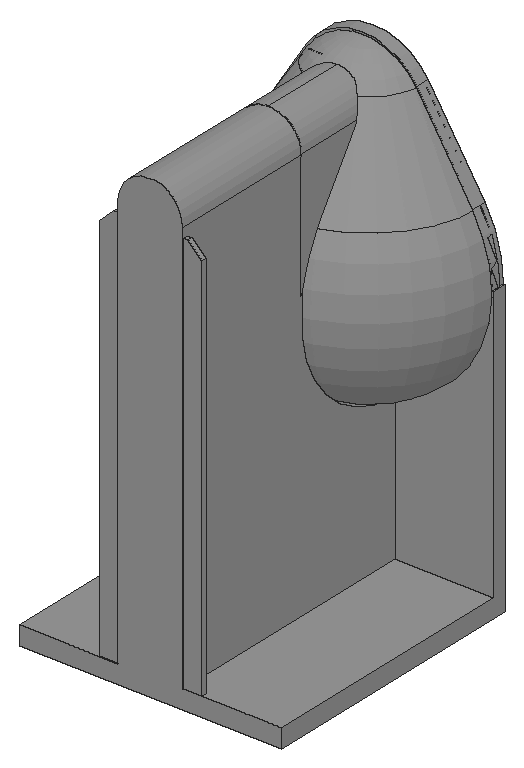
Revit family "Toilet-Willoughby-ASETW-1490-FM-TS", category Plumbing Fixtures, Revit 2015
Parameters (values of type "Standard")
  Waste DIA = 2 3/8"
  Waste Connection = yes
  W-RAD [instance] = Waste DIA / 2  # 0' - 1 3/16"
  Vent Connection = no
  URL = "https://www.willoughby-ind.com/wp-content/uploads/2018/01/ASETW-1490-FM.pdf"
  Type Comments = ""
  Revision = "A"
  Model = "ETW-1490-FM-TS"
  Manufacturer = "Willoughby Industries"
  HW Connection = no
  Flush inlet DIA = 1 1/2"
  Flush Inlet Connection = yes
  Fixture Body = Stainless Steel AISI 304-Willoughby
  F-RAD [instance] = Flush inlet DIA / 2  # 0' - 0 3/4"
  Description = "Ligature Resistant, Wall Outlet, Floor Mounted Blowout Toilet, Top Spud"
  Default Elevation = 0' - 0"
  Contact Number = "(800) 428-4065"
  CW Connection = no
Reference planes (in)
  plane 1 "Base": y = -16.25
  plane 2: z = 0
  plane 3 "Center": x = 18.31072
  plane 4 "Waste height": y = -4.75
  plane 5 "Seat HGT": y = -1.25
  plane 6: y = -2.125
  plane 7: x = 16.56072
  plane 8: x = 20.06072
  plane 9: x = 13.81072
  plane 10: x = 22.81072
  plane 11: z = 2.70924
  plane 12: z = -3
  plane 13: z = 25
Forms (in)
  Extrusion 1, solid, material "Stainless Steel AISI 304-Willoughby" <- "Fixture Body"
    sketch origin (16.08109, 7.47968, -7.1422) x (-1, 0, 0) y (0, 0, -1)
      loop
        line (4.79769, -22.8922) -> (4.83287, -22.8922) -> (4.83287, -7.1422) -> (-9.29213, -7.1422) -> (-9.29213, -22.8922) -> (-9.20219, -22.8922)
        arc (-9.20219, -22.8922) -> (-8.94577, -24.74051) -> (-8.21015, -26.45542) r 7
        line (-8.21015, -26.45542) -> (-5.16818, -31.31054)
        arc (-5.16818, -31.31054) -> (-2.20225, -32.95225) -> (0.76368, -31.31054) r 3.5
        line (0.76368, -31.31054) -> (3.80565, -26.45542)
        arc (3.80565, -26.45542) -> (4.54128, -24.74051) -> (4.79769, -22.8922) r 7
      loop
        arc (2.03989, -24.70557) -> (-2.20225, -18.23804) -> (-6.44438, -24.70557) r 4.625
        line (-6.44438, -24.70557) -> (-4.04125, -30.23842)
        arc (-4.04125, -30.23842) -> (-2.20225, -31.45225) -> (-0.36324, -30.23842) r 2
        line (-0.36324, -30.23842) -> (2.03989, -24.70557)
    from 8.72968 to 9.5
  Revolve 2, solid, material "Stainless Steel AISI 304-Willoughby" <- "Fixture Body"
    sketch origin (19.37981, -1.52032, -3.93365) x (-1, 0, 0) y (0, 0, -1)
      loop
        line (1.06174, -12.59906) -> (1.06174, -12.84906)
        arc (1.06174, -12.84906) -> (6.96784, -16.33096) -> (6.78077, -23.18447) r 6.75
        line (6.78077, -23.18447) -> (5.22309, -25.66909)
        arc (5.22309, -25.66909) -> (3.40303, -27.84141) -> (1.06174, -29.43826) r 10.34445
        line (1.06174, -29.43826) -> (1.06174, -29.68826)
        arc (1.06174, -29.68826) -> (2.75672, -29.25045) -> (4.02767, -28.04656) r 3.5
        line (4.02767, -28.04656) -> (7.06964, -23.19143)
        arc (7.06964, -23.19143) -> (7.15052, -16.14555) -> (1.06174, -12.59906) r 7
      axis (1.06174, -12.59906) -> (1.06174, -29.68826)
    angle from 0 to -180
  Extrusion 3, solid, material "Stainless Steel AISI 304-Willoughby" <- "Fixture Body"
    sketch origin (19.53334, -3.02032, -4.9508) x (0, 1, 0) y (0, 0, 1)
      loop
        line (-5.27082, 4.9508) -> (1, 4.9508) -> (1, 13.80524)
        arc (1, 13.80524) -> (-3.15813, 15.45207) -> (-5.27082, 19.39398) r 6.50625
        line (-5.27082, 19.39398) -> (-5.27082, 4.9508)
    from 0.52738 to -2.97262
  Extrusion 4, solid, material "Stainless Steel AISI 304-Willoughby" <- "Fixture Body"
    sketch origin (0, 14.59309, 0) x (1, 0, 0) y (0, 1, 0)
      loop
        circle (18.31072, -19.34309) r 1.1875
    from 5.5 to -3
  Extrusion 5, solid, material "Stainless Steel AISI 304-Willoughby" <- "Fixture Body"
    sketch origin (0, 1.11185, 0) x (1, 0, 0) y (0, 0, 1)
      loop
        circle (18.31072, 2.70924) r 0.75
    from 2.36185 to 1.42435
  Extrusion 6, solid, material "Stainless Steel AISI 304-Willoughby" <- "Fixture Body"
    sketch origin (0, -16.25, 0) x (1, 0, 0) y (0, 0, 1)
      loop
        line (25.37322, 0) -> (25.37322, 1) -> (11.2834, 1) -> (11.2834, 0) -> (25.37322, 0)
    from -15 to 0
  Extrusion 7, solid, material "Stainless Steel AISI 304-Willoughby" <- "Fixture Body"
    sketch origin (0, -16.25, 0) x (1, 0, 0) y (0, 0, 1)
      loop
        line (20.06072, 0) -> (20.06072, 23.23467)
        arc (20.06072, 23.23467) -> (18.31072, 24.98467) -> (16.56072, 23.23467) r 1.75
        line (16.56072, 23.23467) -> (16.56072, 0) -> (20.06072, 0)
    from 0 to -7.95886
  Extrusion 8, solid, material "Stainless Steel AISI 304-Willoughby" <- "Fixture Body"
    sketch origin (18.31072, 0, 0) x (0, 1, 0) y (0, 0, 1)
      loop
        line (-8.30956, 24.98711) -> (-8.30956, 16.43945)
        arc (-8.30956, 16.43945) -> (-7.89398, 17.78452) -> (-7.26296, 19.04298) r 8.53534
        arc (-7.26296, 19.04298) -> (-5.96181, 21.12816) -> (-4.62752, 23.19229) r 153.87584
        arc (-4.62752, 23.19229) -> (-4.20813, 24.22574) -> (-3.39314, 24.98711) r 2.59068
        line (-3.39314, 24.98711) -> (-8.30956, 24.98711)
    from -1.75 to 1.75
  Extrusion 9, void
    sketch origin (0, -16.25, 0) x (1, 0, 0) y (0, 0, 1)
      loop
        arc (18.32244, 24.98711) -> (19.55159, 24.47797) -> (20.06072, 23.24882) r 1.73828
        line (20.06072, 23.24882) -> (20.06072, 24.98711) -> (18.32244, 24.98711)
    from -13.39931 to -7.72232
  Extrusion 10, void
    sketch origin (0, -16.25, 0) x (1, 0, 0) y (0, 0, 1)
      loop
        line (16.56072, 24.98711) -> (16.56072, 23.38793)
        arc (16.56072, 23.38793) -> (17.12541, 24.5271) -> (18.31072, 24.98711) r 1.75711
        line (18.31072, 24.98711) -> (16.56072, 24.98711)
    from -12.84157 to -7.94044
  Extrusion 11, solid, material "Stainless Steel AISI 304-Willoughby" <- "Fixture Body"
    sketch origin (18.32831, -16.25, 1) x (1, 0, 0) y (0, 0, 1)
      loop
        line (2.75, 0) -> (2.75, 20.9739) -> (1.99851, 21.72538) -> (-1.99937, 21.72538) -> (-2.75, 20.97475) -> (-2.75, 0) -> (2.75, 0)
    from 0 to -0.25
Cuts and joins
  joined: Extrusion 1, Extrusion 3, Extrusion 4, Extrusion 6, Extrusion 7
  Extrusion 9, Extrusion 10 cuts Extrusion 8
Lines and regions (in)
  symbolic lines
    curve 1: line (11.28334, -2.02032, 0) -> (11.28334, -1.25, 0)
    curve 2: line (11.28334, -1.25, 0) -> (25.28334, -1.25, 0)
    curve 3: line (25.28334, -1.25, 0) -> (25.28334, -2.02032, 0)
    curve 4: arc (25.28334, -2.02032, 0) -> (23.0776, -6.6446, 0) -> (18.31072, -8.52239, 0) r 6.98983
    curve 5: arc (18.31072, -8.52239, 0) -> (13.52369, -6.64758, 0) -> (11.28334, -2.02032, 0) r 7.04842
    curve 6: line (22.81072, -6.88104, 0) -> (22.81072, -16.25, 0)
    curve 7: line (22.81072, -16.25, 0) -> (13.81072, -16.25, 0)
    curve 8: line (13.81072, -16.25, 0) -> (13.81072, -6.89908, 0)
    curve 9: line (16.56072, -8.30173, 0) -> (16.56072, -16.25, 0)
    curve 10: line (20.06072, -8.29974, 0) -> (20.06072, -16.25, 0)
    curve 11: line (14.78334, -16.25, 9.65867) -> (14.78334, -16.25, 1)
    curve 12: line (14.78334, -16.25, 1) -> (13.81072, -16.25, 1)
    curve 13: line (13.81072, -16.25, 1) -> (13.81072, -16.25, 0)
    curve 14: line (13.81072, -16.25, 0) -> (22.81072, -16.25, 0)
    curve 15: line (22.81072, -16.25, 0) -> (22.81072, -16.25, 1)
    curve 16: line (22.81072, -16.25, 1) -> (21.81072, -16.25, 1)
    curve 17: line (21.81072, -16.25, 1) -> (21.81072, -16.25, 9.67456)
    curve 18: arc (21.81072, -16.25, 9.67456) -> (25.08799, -16.25, 13.93608) -> (24.32597, -16.25, 19.25778) r 6.9206
    curve 19: line (24.32597, -16.25, 19.25778) -> (21.24927, -16.25, 24.16835)
    curve 20: arc (21.24927, -16.25, 24.16835) -> (19.97832, -16.25, 25.37224) -> (18.28334, -16.25, 25.81005) r 3.5
    curve 21: arc (18.28334, -16.25, 25.81005) -> (16.58835, -16.25, 25.37224) -> (15.31741, -16.25, 24.16835) r 3.5
    curve 22: line (15.31741, -16.25, 24.16835) -> (12.35249, -16.25, 19.43905)
    curve 23: arc (12.35249, -16.25, 19.43905) -> (11.49002, -16.25, 14.03241) -> (14.78334, -16.25, 9.65867) r 7
    curve 29: line (18.31072, -8.4296, 16.67525) -> (18.31072, -16.25, 16.67525)
    curve 30: line (18.31072, -16.25, 16.67525) -> (18.31072, -16.25, 0)
    curve 31: line (18.31072, -16.25, 0) -> (18.31072, -1.25, 0)
    curve 32: line (18.31072, -1.25, 0) -> (18.31072, -1.25, 25.81005)
    curve 33: line (18.31072, -1.25, 25.81005) -> (18.31072, -2.02032, 25.81005)
    curve 34: arc (18.31072, -2.02032, 25.81005) -> (18.31072, -3.29152, 25.30605) -> (18.31072, -4.30177, 24.38445) r 3.79748
    curve 35: line (18.31072, -4.30177, 24.38445) -> (18.31072, -7.52822, 19.25778)
    curve 36: arc (18.31072, -7.52822, 19.25778) -> (18.31072, -8.12539, 18.01764) -> (18.31072, -8.4296, 16.67525) r 6.10578
    curve 37: arc (18.31072, -8.4296, 16.67525) -> (18.31072, -8.31403, 15.24489) -> (18.31072, -8.29114, 13.81005) r 22.19593
    curve 38: arc (18.31072, -8.29114, 13.81005) -> (18.31072, -5.95289, 10.31029) -> (18.31072, -2.02032, 8.81005) r 6.92744
    curve 39: line (18.31072, -1.25, 9.65867) -> (18.31072, -2.02032, 9.65867)
    curve 40: line (18.31072, -2.02032, 9.65867) -> (18.31072, -2.02032, 1)
    curve 41: line (18.31072, -2.02032, 1) -> (18.31072, -16.25, 1)
    curve 42: line (20.06072, -8.29974, 0) -> (20.06072, -4.61725, 0)
    curve 43: arc (20.06072, -4.61725, 0) -> (19.34995, -3.84312, 0) -> (18.31072, -3.68676, 0) r 1.57857
    curve 44: arc (18.31072, -3.68676, 0) -> (17.30223, -3.87691, 0) -> (16.56072, -4.5864, 0) r 1.8036
    curve 45: line (16.56072, -4.5864, 0) -> (16.56072, -8.30173, 0)
    curve 46: line (18.31072, -8.30956, 24.98711) -> (18.31072, -3.72908, 24.98711)
  symbolic lines, detail levels fine
    curve 24: arc (14.0412, -16.25, 17.56337) -> (18.28334, -16.25, 11.09585) -> (22.52547, -16.25, 17.56337) r 4.625
    curve 25: line (22.52547, -16.25, 17.56337) -> (20.12234, -16.25, 23.09622)
    curve 26: arc (20.12234, -16.25, 23.09622) -> (19.38317, -16.25, 23.97635) -> (18.28334, -16.25, 24.31005) r 2.01767
    curve 27: arc (18.28334, -16.25, 24.31005) -> (17.17969, -16.25, 23.98213) -> (16.44433, -16.25, 23.09622) r 1.9827
    curve 28: line (16.44433, -16.25, 23.09622) -> (14.0412, -16.25, 17.56337)
Dimensions and locks (in)
  locked: plane 1 "Base" to plane 4 "Waste height" at 11.5
  locked: plane 1 "Base" to plane 5 "Seat HGT" at 15
  plane 9 to plane 3 "Center" = 0' - 4 1/2"
  plane 9 to plane 10 = 0' - 9"
  plane 13 to level = 2' - 1"
  "W-RAD": radius of Extrusion 4 sketch curve
  "F-RAD": radius of Extrusion 5 sketch curve
  aligned and locked: plane 3 "Center" to Extrusion 4 sketch curve
  aligned and locked: plane 4 "Waste height" to Extrusion 4 sketch curve
  aligned and locked: plane 3 "Center" to Extrusion 5 sketch curve
  aligned and locked: plane 11 to Extrusion 5 sketch curve
  aligned and locked: Extrusion 1 to Revolve 2
  aligned and locked: cut or joined group of Extrusion 1, Extrusion 3, Extrusion 4, Extrusion 6, Extrusion 7 to Extrusion 1
Automatic sketch dimensions
  curve 20 to curve 21 = 0' - 0"  (x2)
  curve 23 to curve 24 = 0' - 0"  (x2)
  curve 14 to level = 0' - 0"
  curve 14 to plane 9 = 0' - 0"
  curve 15 to plane 10 = 0' - 0"
  curve 22 to plane 9 = 0' - 1.45823"
  plane 9 to curve 28 = 0' - 0 59/256"
  curve 12 to curve 11 = 0' - 0.97262"
  curve 22 to plane 7 = 0' - 1.24331"
  curve 28 to plane 7 = 0' - 0.11639"
  curve 26 to plane 3 "Center" = 0' - 0.03902"
  curve 26 to curve 27 = 0' - 0.0002"
  curve 24 to plane 3 "Center" = 0' - 0.02738"
  curve 27 to curve 21 = 0' - 0.01144"
  plane 3 "Center" to curve 18 = 0' - 0.08339"
  plane 8 to curve 25 = 0' - 0.06162"
  curve 19 to plane 13 = 0' - 0.83165"
  plane 8 to curve 19 = 0' - 1.18855"
  curve 17 to plane 10 = 0' - 1"
  curve 25 to plane 10 = 0' - 0.28525"
  plane 10 to curve 19 = 0' - 1.51526"
  level to curve 12 = 0' - 1"
  level to curve 16 = 0' - 1"
  plane 11 to curve 11 = 0' - 6.94943"
  plane 11 to curve 17 = 0' - 6.96532"
  curve 17 to curve 18 = 0' - 6.01843"
  curve 18 to curve 24 = 0' - 0.02786"
  curve 25 to curve 18 = 0' - 1.6944"
  curve 26 to plane 13 = 0' - 2.70758"
  curve 26 to curve 20 = 0' - 0.01763"
  curve 20 to curve 27 = 0' - 0.01733"
  curve 28 to curve 22 = 0' - 1.07212"
  curve 25 to curve 19 = 0' - 1.07212"
  Extrusion 3 sketch curve to level = 0' - 0"
  plane 4 "Waste height" to Extrusion 3 sketch curve = 0' - 3.54114"
  plane 6 to Extrusion 3 sketch curve = 0' - 0.10468"
  plane 6 to Extrusion 3 sketch curve = 0' - 0.27542"
  plane 11 to Extrusion 3 sketch curve = 0' - 6.1452"
  Extrusion 3 sketch curve to Extrusion 3 sketch curve = 0' - 5.58874"
  Extrusion 6 sketch curve to level = 0' - 0"
  Extrusion 6 sketch curve to plane 9 = 0' - 2.52732"
  plane 10 to Extrusion 6 sketch curve = 0' - 2 9/16"
  level to Extrusion 6 sketch curve = 0' - 1"
  Extrusion 7 sketch curve to level = 0' - 0"
  Extrusion 7 sketch curve to plane 7 = 0' - 0"
  Extrusion 7 sketch curve to plane 3 "Center" = 0' - 0"
  Extrusion 7 sketch curve to plane 13 = 0' - 1.76533"
  Extrusion 8 sketch curve to plane 13 = 0' - 0.01289"
  plane 4 "Waste height" to Extrusion 8 sketch curve = 0' - 3.55956"
  Extrusion 8 sketch curve to plane 6 = 0' - 1.26814"
  plane 6 to Extrusion 8 sketch curve = 0' - 0.05145"
  Extrusion 8 sketch curve to plane 5 "Seat HGT" = 0' - 1.27544"
  Extrusion 8 sketch curve to plane 12 = 4' - 10.37203"
  Extrusion 8 sketch curve to plane 5 "Seat HGT" = 10' - 5.1785"
  Extrusion 8 sketch curve to plane 13 = 0' - 10.39901"
  Extrusion 8 sketch curve to Extrusion 8 sketch curve = 0' - 8.54766"
  Extrusion 8 sketch curve to plane 13 = 0' - 2.24231"
  plane 4 "Waste height" to Extrusion 8 sketch curve = 0' - 2.51296"
  Extrusion 9 sketch curve to plane 8 = 0' - 0"
  plane 3 "Center" to Extrusion 9 sketch curve = 0' - 0 3/256"
  Extrusion 9 sketch curve to plane 13 = 0' - 1.75118"
  Revolve 2 sketch curve to Revolve 2 sketch curve = 0' - 0"  (x2)
  plane 10 to Revolve 2 sketch curve = 0' - 0.11048"
  plane 3 "Center" to Revolve 2 sketch curve = 0' - 0.00736"  (x3)
  Revolve 2 sketch curve to plane 13 = 0' - 0.88709"
  Revolve 2 sketch curve to plane 7 = 0' - 1.20857"
  plane 9 to Revolve 2 sketch curve = 0' - 0.346"
  Revolve 2 sketch curve to plane 9 = 0' - 1.21168"
  Revolve 2 sketch curve to Revolve 2 sketch curve = 0' - 0.28887"
  plane 13 to Revolve 2 sketch curve = 0' - 0.50461"
  Revolve 2 sketch curve to Revolve 2 sketch curve = 0' - 0 1/4"
  Revolve 2 sketch curve to Revolve 2 sketch curve = 0' - 2.37746"
  Revolve 2 sketch curve to Revolve 2 sketch curve = 0' - 2.47766"
  Revolve 2 sketch curve to Revolve 2 sketch curve = 0' - 0.00696"
  Revolve 2 sketch curve to Revolve 2 sketch curve = 0' - 0.57536"
  Revolve 2 sketch curve to Revolve 2 sketch curve = 0' - 3 1/4"
  Revolve 2 sketch curve to Revolve 2 sketch curve = 0' - 2.4108"
  Extrusion 10 sketch curve to plane 7 = 0' - 0"
  Extrusion 10 sketch curve to plane 3 "Center" = 0' - 0"
  Extrusion 10 sketch curve to plane 13 = 0' - 0.01289"
  Extrusion 10 sketch curve to Extrusion 10 sketch curve = 0' - 1.59918"
  plane 5 "Seat HGT" to curve 1 = 0' - 0"
  plane 1 "Base" to curve 7 = 0' - 0"
  curve 7 to plane 9 = 0' - 0"
  curve 9 to plane 7 = 0' - 0"
  curve 4 to plane 3 "Center" = 0' - 0"
  curve 44 to plane 3 "Center" = 0' - 0"
  curve 10 to plane 8 = 0' - 0"
  curve 43 to plane 8 = 0' - 0"
  curve 6 to plane 10 = 0' - 0"
  curve 5 to plane 3 "Center" = 0' - 0"
  plane 6 to curve 1 = 0' - 0.10468"
  curve 1 to plane 9 = 0' - 2.52738"
  curve 44 to plane 3 "Center" = 0' - 0.18388"
  curve 5 to plane 3 "Center" = 0' - 0.00017"
  plane 3 "Center" to curve 43 = 0' - 0.29814"
  plane 10 to curve 3 = 0' - 2.47262"
  plane 4 "Waste height" to curve 44 = 0' - 0.73096"
  plane 4 "Waste height" to curve 43 = 0' - 0.48692"
  curve 42 to plane 4 "Waste height" = 0' - 0.13275"
  plane 6 to curve 3 = 0' - 0.10468"
  plane 5 "Seat HGT" to curve 4 = 0' - 0.28257"
  curve 45 to curve 9 = 0' - 0"
  curve 30 to plane 1 "Base" = 0' - 0"
  curve 33 to plane 5 "Seat HGT" = 0' - 0"
  curve 32 to level = 0' - 0"
  plane 1 "Base" to curve 37 = 1' - 2.23409"
  plane 4 "Waste height" to curve 29 = 0' - 3.6796"
  curve 36 to curve 35 = 0' - 0.90137"
  curve 35 to plane 4 "Waste height" = 0' - 0.44823"
  curve 36 to plane 6 = 0' - 0.23566"
  plane 6 to curve 33 = 0' - 0.10468"
  plane 6 to curve 40 = 0' - 0.10468"
  plane 5 "Seat HGT" to curve 38 = 0' - 0.38413"
  plane 5 "Seat HGT" to curve 34 = 0' - 0.02916"
  level to curve 40 = 0' - 1"
  plane 11 to curve 39 = 0' - 6.94943"
  curve 37 to plane 13 = 0' - 10.82646"
  curve 39 to curve 38 = 0' - 6.06805"
  curve 38 to curve 36 = 0' - 0.27887"
  curve 29 to plane 13 = 0' - 8.32475"
  curve 35 to plane 13 = 0' - 0.61555"
  curve 46 to plane 13 = 0' - 0.01289"
  plane 4 "Waste height" to curve 46 = 0' - 3.55956"
  curve 37 to curve 38 = 0' - 0.13846"
  curve 34 to curve 46 = 0' - 0.57268"
  Extrusion 1 sketch curve to Extrusion 1 sketch curve = 0' - 0"  (x6)
  Extrusion 1 sketch curve to level = 0' - 0"
  plane 10 to Extrusion 1 sketch curve = 0' - 2 9/16"
  Extrusion 1 sketch curve to Extrusion 1 sketch curve = 0' - 0.08994"
  plane 10 to Extrusion 1 sketch curve = 0' - 1.48052"
  Extrusion 1 sketch curve to plane 10 = 0' - 0.28525"
  plane 8 to Extrusion 1 sketch curve = 0' - 1.18855"
  plane 8 to Extrusion 1 sketch curve = 0' - 0.06162"
  Extrusion 1 sketch curve to plane 3 "Center" = 0' - 0.02738"  (x2)
  Extrusion 1 sketch curve to plane 7 = 0' - 0.11639"
  Extrusion 1 sketch curve to plane 13 = 0' - 0.83165"
  Extrusion 1 sketch curve to plane 7 = 0' - 1.24331"
  plane 9 to Extrusion 1 sketch curve = 0' - 0 59/256"
  Extrusion 1 sketch curve to plane 9 = 0' - 1.53528"
  Extrusion 1 sketch curve to plane 9 = 0' - 2.52732"
  Extrusion 1 sketch curve to Extrusion 1 sketch curve = 0' - 0.03518"
  Extrusion 1 sketch curve to Extrusion 1 sketch curve = 0' - 1.07212"
  Extrusion 1 sketch curve to Extrusion 1 sketch curve = 0' - 0.78617"
  Extrusion 1 sketch curve to Extrusion 1 sketch curve = 0' - 3.783"  (x2)
  Extrusion 1 sketch curve to Extrusion 1 sketch curve = 0' - 1.74985"
  Extrusion 1 sketch curve to Extrusion 1 sketch curve = 0' - 1.81337"
  plane 9 to Extrusion 11 sketch curve = 0' - 1.76759"
  Extrusion 11 sketch curve to Extrusion 11 sketch curve = 0' - 0.75063"
  plane 9 to Extrusion 11 sketch curve = 0' - 6.5161"
  Extrusion 11 sketch curve to Extrusion 11 sketch curve = 0' - 0.75149"  (x2)
  Extrusion 11 sketch curve to plane 13 = 2' - 0"
  Extrusion 11 sketch curve to Extrusion 11 sketch curve = 1' - 8.9739"
  Extrusion 11 sketch curve to Extrusion 11 sketch curve = 0' - 0.00085"
Connectors (in)
  piping at (18.31072, -4.75, -3), diameter 2.375, driven by "W-RAD", driven by "Waste Connection"
    settings: on Extrusion 4, index 1, connector inside diameter 2 1/2", connector length 0' - 0", flow factor 0, pipe flow 0 GPM, pressure drop 0.00 psi, fitting loss kfactor 0, connector angle 0.00°, fixture units 0, engagement length 0' - 0", angle of deflection 0.00°, flow configuration 0, flow direction 2, fitting loss method 0, system type 16, joint type 0, gender type 0, connector reference index -1, connector utility 1, adjustable connector yes, is connector primary yes, connector description "Toilet Waste"
  piping at (18.31072, -0.3125, 2.70924), diameter 1.5, driven by "F-RAD", driven by "Flush Inlet Connection"
    settings: on Extrusion 5, index 2, connector inside diameter 1 1/2", connector length 0' - 0", flow factor 0, pipe flow 0 GPM, pressure drop 0.00 psi, fitting loss kfactor 0, connector angle 0.00°, fixture units 0, engagement length 0' - 0", angle of deflection 0.00°, flow configuration 0, flow direction 1, fitting loss method 0, system type 20, joint type 0, gender type 0, connector reference index -1, connector utility 1, adjustable connector no, is connector primary no, connector description "Flush Inlet"
